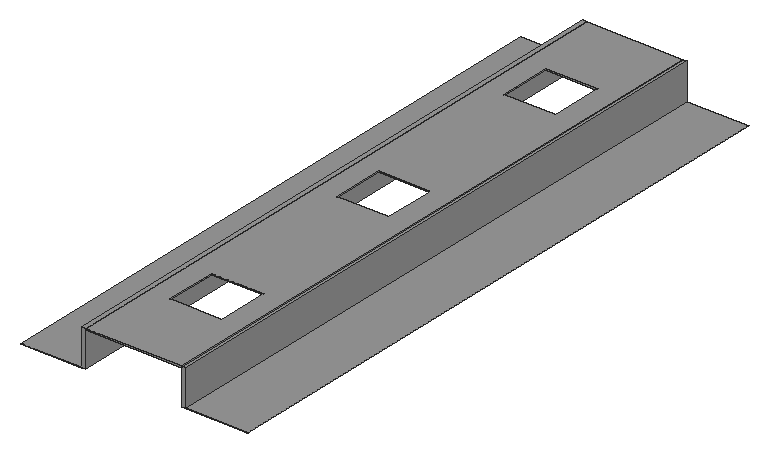
Revit family "OKA-G Kanaleinheit für GES4, Höhe 40-140mm", category Generic Models, Revit 2015
Parameters (values of type "OKA-G40040140D4")
  Width = 400 mm
  URL = "http://www.obo-bettermann.com"
  Material = Steel, Galvanized
  Manufacturer Art. No. = "7424122"
  Manufacturer = "OBO Bettermann"
  Length [instance] = 2400 mm
  HeightCalc [instance] = if(Height < 40 mm, 40 mm, (if(Height > 140 mm, 140 mm, Height)))  # 140 mm
  Height [instance] = 140 mm
  GTIN = "4012195243465"
  Cut's number = 3
  Article Type = "OKA-G40040140D4"
Types (3, lengths in mm): name | Width | Manufacturer Art. No. | GTIN | Article Type
  (no name) | 400 | "7424122" | "4012195243465" | "OKA-G40040140D4"
  OKA-G30040140D4 | 300 | "7424120" | "4012195243458" | "OKA-G30040140D4"
  OKA-G40040140D4 | 400 | "7424122" | "4012195243465" | "OKA-G40040140D4"
Reference planes
  plane 1 "Center (Front/Back)": y = 0
  plane 2: z = 0
  plane 3 "Center (Left/Right)": x = 0
  plane 4: z = 140
  plane 5: y = -2400
  plane 6: x = 200
  plane 7: x = -200
Forms (mm)
  Extrusion 1, solid, material "Aluminum 6061"
    sketch origin (0, 0, 0) x (1, 0, 0) y (0, 0, 1)
      loop
        line (185, 140) -> (185, 0) -> (435, 0) -> (435, 1) -> (200, 1) -> (200, 140) -> (185, 140)
      loop
        line (-200, 1) -> (-435, 1) -> (-435, 0) -> (-185, 0) -> (-185, 140) -> (-200, 140) -> (-200, 1)
    from 0 to 2400
  Extrusion 2, solid, material "Steel, Galvanized" <- "Material"
    sketch origin (0, 0, 0) x (1, 0, 0) y (0, 0, 1)
      loop
        line (185, 136) -> (185, 140) -> (-185, 140) -> (-185, 136) -> (185, 136)
    from 0 to 2400
  Extrusion 3, void
    sketch origin (0, 0, 0) x (1, 0, 0) y (0, 1, 0)
      loop
        line (-100.5, -1901.5) -> (-100.5, -2102.5) -> (100.5, -2102.5) -> (100.5, -1901.5) -> (-100.5, -1901.5)
    from 0 to 250
  Extrusion 4, void
    sketch origin (0, 800, 0) x (1, 0, 0) y (0, 1, 0)
      loop
        line (-100.5, -1901.5) -> (-100.5, -2102.5) -> (100.5, -2102.5) -> (100.5, -1901.5) -> (-100.5, -1901.5)
    from 0 to 250
  Extrusion 5, void
    sketch origin (0, 1600, 0) x (1, 0, 0) y (0, 1, 0)
      loop
        line (-100.5, -1901.5) -> (-100.5, -2102.5) -> (100.5, -2102.5) -> (100.5, -1901.5) -> (-100.5, -1901.5)
    from 0 to 250
Cuts and joins
  Extrusion 3, Extrusion 4, Extrusion 5 cuts Extrusion 2
Lines and regions (mm)
  model lines
    curve 1: line (-200, 0, 140) -> (-185, 0, 140)
    curve 2: line (-185, 0, 140) -> (-185, 0, 0)
    curve 3: line (-185, 0, 0) -> (-435, 0, 0)
    curve 4: line (-435, 0, 0) -> (-435, 0, 1)
    curve 5: line (-435, 0, 1) -> (-200, 0, 1)
    curve 6: line (-200, 0, 1) -> (-200, 0, 140)
    curve 7: line (185, 0, 140) -> (185, 0, 0)
    curve 8: line (185, 0, 0) -> (435, 0, 0)
    curve 9: line (435, 0, 0) -> (435, 0, 1)
    curve 10: line (435, 0, 1) -> (200, 0, 1)
    curve 11: line (200, 0, 1) -> (200, 0, 140)
    curve 12: line (200, 0, 140) -> (185, 0, 140)
    curve 13: line (185, 0, 140) -> (185, 0, 0)
    curve 14: line (-185, 0, 0) -> (-185, 0, 140)
    curve 15: line (-185, 0, 140) -> (185, 0, 140)
    curve 16: line (-185, 0, 136) -> (185, 0, 136)
Dimensions and locks
  locked: curve 5 to curve 3 at 1
  locked: curve 2 to curve 6 at 15
  locked: curve 10 to curve 8 at 1
  locked: curve 2 to curve 4 at 250
  locked: curve 9 to curve 7 at 250
  locked: curve 11 to curve 7 at 15
  "Length": plane 1 "Center (Front/Back)" to plane 5
  equal spacing: plane 7, plane 3 "Center (Left/Right)", plane 6
  "Width": plane 7 to plane 6
  "HeightCalc": level to plane 4
  locked: curve 16 to curve 15 at 4
  locked: Extrusion 3 sketch curve to Extrusion 3 sketch curve at 201  (x2)
  locked: Extrusion 4 sketch curve to Extrusion 4 sketch curve at 201  (x2)
  equal spacing: group 1, group 2, group 3  (x3)
  locked: Extrusion 5 sketch curve to Extrusion 5 sketch curve at 201  (x2)
  aligned and locked: level to plane 2
  aligned and locked: level to curve 3
  aligned and locked: curve 6 to plane 7
  aligned and locked: curve 11 to plane 6
  aligned and locked: plane 4 to curve 1
  aligned and locked: curve 8 to level
  aligned and locked: Extrusion 1 sketch curve to curve 13
  aligned and locked: Extrusion 1 sketch curve to curve 12
  aligned and locked: Extrusion 1 sketch curve to curve 11
  aligned and locked: Extrusion 1 sketch curve to curve 10
  aligned and locked: Extrusion 1 sketch curve to curve 9
  aligned and locked: Extrusion 1 sketch curve to curve 8
  aligned and locked: Extrusion 1 sketch curve to curve 6
  aligned and locked: Extrusion 1 sketch curve to curve 14
  aligned and locked: Extrusion 1 sketch curve to curve 1
  aligned and locked: Extrusion 1 sketch curve to curve 5
  aligned and locked: Extrusion 1 sketch curve to curve 3
  aligned and locked: Extrusion 1 sketch curve to curve 4
  aligned and locked: Extrusion 1 to plane 5
  aligned and locked: Extrusion 2 sketch curve to curve 16
  aligned and locked: Extrusion 2 sketch curve to curve 15
  aligned and locked: Extrusion 2 sketch curve to curve 2
  aligned and locked: Extrusion 2 sketch curve to curve 7
  aligned and locked: Extrusion 2 to plane 5
